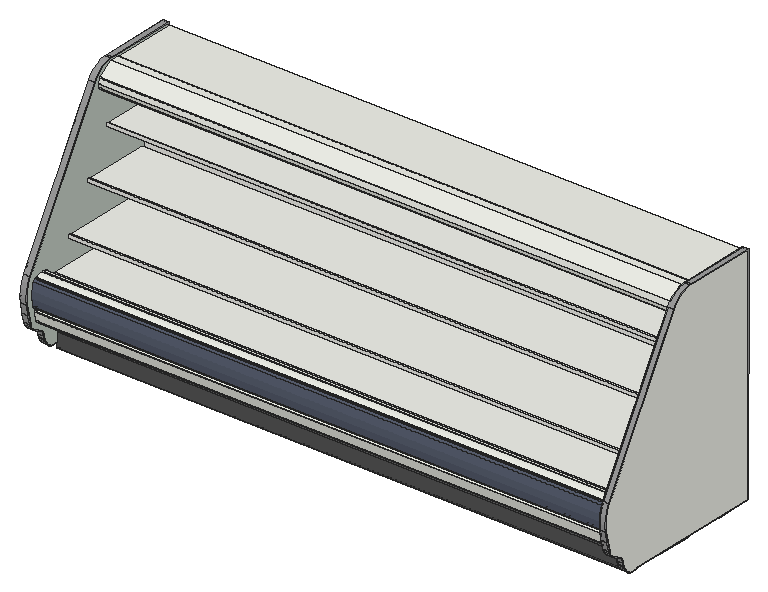
Revit family "IC2XSL_2014", category Specialty Equipment, Revit 2014
Parameters (values of type "12'-0" Length")
  Width = 144 1/2"
  Waste Drain = 1 1/4"  # constant formula
  URL = "www.hussmann.com"
  Type Comments = ""
  Trim = Stainless Steel
  Total Weight = Case Weight + (2 * End Weight)  # 1350.00 lbf
  Top Clearance = 1 1/2"  # constant formula
  Splashguard = Textured Sheet Metal (Steel Painted) - 701 Black
  Side Panel - Right [instance] = yes
  Side Panel - Left [instance] = yes
  Shelves = Sheet Metal (Steel Painted) - 700 Interior White
  Shelf Lights [instance] = yes
  Shelf = yes
  Revit Family Date = "11/25/2015"  # constant formula
  Refrigeration Lines Suction = 7/8"  # constant formula
  Refrigeration Lines Liquid = 3/8"  # constant formula
  Refrig. Suction = "Suction"
  Refrig. Liquid = "Liquid"
  Number of Shelves = 3  # constant formula
  Note from Manufacturer = "This model only comes in 4'-0\", 6'-0\", 8'-0\", and 12'-0\" lengths."
  Model = "IC2XSL"  # constant formula
  Manufacturer Disclaimer = "The information in this file is not intended to be an exact representation of the corresponding Hussmann product.  Further, we reserve the right to change or revise specifications and product design in connection with any feature of our products. Such changes do not entitle the buyer to corresponding changes, improvements, additions, or replacements for equipment previously sold or shipped."  # constant formula
  Manufacturer = "Hussmann Corporation"  # constant formula
  Height = 57 3/4"  # constant formula
  Ends = Textured Sheet Metal (Steel Painted) - 149 White Satin Matte
  End Weight = 75.00 lbf  # constant formula
  Drain Location = if(Width = 48 1/4", 24", if(Width = 72 1/4", 24", if(Width = 96 1/4", 24", if(Width = 144 1/2", 72", 0"))))  # 72"
  Description = ""
  Depth = 43 5/8"  # constant formula
  Clearance [instance] = no
  Case Weight = if(Width = 48 1/4", 600.00 lbf, if(Width = 72 1/4", 800.00 lbf, if(Width = 96 1/4", 1000.00 lbf, if(Width = 144 1/2", 1200.00 lbf, 0.00 lbf))))  # 1200.00 lbf
  Case Interior - Side Panel = Mirror
  Case Interior - Back Panel = Sheet Metal (Steel Painted) - 700 Interior White
  Case = Textured Sheet Metal (Steel Painted) - 149 White Satin Matte
  Bumper = Extruded PVC - 739 Royal Blue
  Back Clearance = 1 1/2"  # constant formula
  Assembly Code = ""
  Accessories/Options = ""
  8 Case = Width = 96 1/4"  # no
  6 Case = Width = 72 1/4"  # no
  12 Case = Width = 144 1/2"  # yes
Reference planes (in)
  plane 1 "Back": y = 0
  plane 2 "Bottom": z = 0
  plane 3 "Top": z = 57.75
  plane 4 "Left": x = -77.30699
  plane 5 "Front": y = -43.625
  plane 6 "Center (Left/Right)": x = -5.05699
  plane 7: y = 1.5
  plane 8: x = -78.80699
  plane 9 "Right": x = 67.19301
  plane 10: x = 68.69301
  plane 11: z = 24
  plane 12: z = 59.25
  plane 13: z = 44
  plane 14: z = 34
Forms (in)
  Extrusion 1, solid, material "Metal - Copper"
    sketch origin (63.0625, 1.04319, 0) x (1, 0, 0) y (0, 1, 0)
      loop
        arc (-67.86949, -33.91819) -> (-68.31143, -34.10125) -> (-68.49449, -34.54319) r 0.625
        arc (-68.49449, -34.54319) -> (-68.31143, -34.98513) -> (-67.86949, -35.16819) r 0.625
        arc (-67.86949, -35.16819) -> (-67.42754, -34.98513) -> (-67.24449, -34.54319) r 0.625
        arc (-67.24449, -34.54319) -> (-67.42754, -34.10125) -> (-67.86949, -33.91819) r 0.625
      loop
        circle (-67.86949, -34.54319) r 0.5852
    from 5.56944 to 0
  Extrusion 2, solid, material "Metal - Copper"
    sketch origin (57.40105, 5, -0.375) x (1, 0, 0) y (0, 1, 0)
      loop
        circle (0.85446, -33.75) r 0.41359
      loop
        circle (0.85446, -33.75) r 0.4375
    from 5.94444 to 0.375
  Extrusion 3, solid, material "Metal - Copper"
    sketch origin (59.82608, 5, -0.375) x (1, 0, 0) y (0, 1, 0)
      loop
        circle (-0.94557, -33.75) r 0.17188
      loop
        circle (-0.94557, -33.75) r 0.1875
    from 5.94444 to 0.375
  Extrusion 4, solid, material "Textured Sheet Metal (Steel Painted) - 149 White Satin Matte" <- "Case"
    sketch origin (-5.05699, 0, 0) x (0, 1, 0) y (0, 0, 1)
      loop
        line (-6.51268, 55.28301) -> (-6.51268, 16.6168) -> (-6.91828, 16.6168)
        arc (-6.91828, 16.6168) -> (-7.25281, 16.48835) -> (-7.41541, 16.16902) r 0.49985
        arc (-7.41541, 16.16902) -> (-7.47447, 15.77871) -> (-7.56901, 15.39546) r 4.3077
        line (-7.56901, 15.39546) -> (-8.2045, 15.37959)
        arc (-8.2045, 15.37959) -> (-8.38123, 15.45279) -> (-8.45443, 15.62952) r 0.24992
        line (-8.45443, 15.62952) -> (-8.45443, 15.73049) -> (-8.45443, 15.79247) -> (-8.45443, 15.9914)
        arc (-8.45443, 15.9914) -> (-8.50274, 16.10804) -> (-8.61938, 16.15635) r 0.16495
        line (-8.61938, 16.15635) -> (-19.37919, 16.15635)
        arc (-19.37919, 16.15635) -> (-19.46976, 16.12926) -> (-19.53058, 16.05688) r 0.16495
        arc (-19.53058, 16.05688) -> (-19.5914, 15.98451) -> (-19.68198, 15.95742) r 0.16495
        line (-19.68198, 15.95742) -> (-23.20989, 15.95742)
        arc (-23.20989, 15.95742) -> (-24.122, 15.92845) -> (-25.03043, 15.84168) r 14.37659
        line (-25.03043, 15.84168) -> (-35.57184, 14.49597)
        arc (-35.57184, 14.49597) -> (-35.67679, 14.43899) -> (-35.71578, 14.32612) r 0.16495
        arc (-35.71578, 14.32612) -> (-35.77516, 14.15509) -> (-35.93417, 14.06876) r 0.24992
        line (-35.93417, 14.06876) -> (-36.91851, 13.9431) -> (-37.91016, 13.81651) -> (-38.11168, 13.77211) -> (-38.09315, 17.38135) -> (-38.25187, 18.31799)
        arc (-38.25187, 18.31799) -> (-38.25909, 18.33942) -> (-38.27258, 18.35757) r 0.07227
        line (-38.27258, 18.35757) -> (-39.20515, 19.27024)
        arc (-39.20515, 19.27024) -> (-39.22358, 19.28334) -> (-39.24516, 19.29009) r 0.07227
        line (-39.24516, 19.29009) -> (-40.16281, 19.42531)
        arc (-40.16281, 19.42531) -> (-40.21579, 19.41231) -> (-40.24459, 19.36598) r 0.07227
        arc (-40.24459, 19.36598) -> (-40.25606, 19.40537) -> (-40.29138, 19.42472) r 0.05018
        arc (-40.29138, 19.42472) -> (-41.31228, 19.3713) -> (-42.26157, 18.99189) r 3.13128
        arc (-42.26157, 18.99189) -> (-42.28099, 18.97035) -> (-42.28525, 18.94165) r 0.05019
        line (-42.28525, 18.94165) -> (-42.27579, 18.87729) -> (-42.05045, 18.49713) -> (-42.05045, 12.75127) -> (-42.33423, 12.33056) -> (-42.30002, 12.36476)
        spline (-42.30002, 12.36476) -> (-42.29059, 12.3725) -> (-42.27983, 12.37825) -> (-42.26816, 12.3818) -> (-42.25602, 12.38299) -> (-42.24388, 12.3818) -> (-42.23221, 12.37826) -> (-42.22145, 12.37251) -> (-42.21202, 12.36477) -> (-42.20428, 12.35534) -> (-42.19853, 12.34458) -> (-42.19499, 12.3329) -> (-42.1938, 12.32076)
        line (-42.1938, 12.32076) -> (-42.1938, 11.72088)
        spline (-42.1938, 11.72088) -> (-42.19412, 11.71452) -> (-42.1951, 11.70822) -> (-42.19671, 11.70206) -> (-42.19894, 11.69609) -> (-42.20177, 11.69038) -> (-42.20517, 11.685) -> (-42.2091, 11.67998) -> (-42.21352, 11.6754) -> (-42.21839, 11.67129) -> (-42.22365, 11.66771) -> (-42.22925, 11.66468) -> (-42.23513, 11.66224)
        line (-42.23513, 11.66224) -> (-42.23513, 12.03376)
        arc (-42.23513, 12.03376) -> (-42.26764, 12.08072) -> (-42.32304, 12.06685) r 0.05018
        line (-42.32304, 12.06685) -> (-42.79839, 11.52504)
        arc (-42.79839, 11.52504) -> (-42.80955, 11.50331) -> (-42.80913, 11.47889) r 0.05018
        line (-42.80913, 11.47889) -> (-42.14032, 8.99596)
        arc (-42.14032, 8.99596) -> (-42.11102, 8.93786) -> (-42.06108, 8.89616) r 0.16059
        line (-42.06108, 8.89616) -> (-36.23943, 5.77763)
        arc (-36.23943, 5.77763) -> (-36.19804, 5.77279) -> (-36.16499, 5.79817) r 0.0554
        line (-36.16499, 5.79817) -> (-36.07724, 5.96199) -> (-35.24876, 5.51819) -> (-35.22368, 5.56503) -> (-8.50716, 5.56503) -> (0, 10.08456) -> (0, 57.49119) -> (-16.15054, 57.49119)
        arc (-16.15054, 57.49119) -> (-16.24473, 57.60061) -> (-16.38321, 57.64144) r 0.25527
        line (-16.38321, 57.64144) -> (-18.60529, 57.64144)
        arc (-18.60529, 57.64144) -> (-18.64062, 57.63632) -> (-18.67305, 57.62139) r 0.12446
        line (-18.67305, 57.62139) -> (-22.1328, 55.37618)
        arc (-22.1328, 55.37618) -> (-22.16668, 55.34362) -> (-22.18607, 55.30081) r 0.12446
        line (-22.18607, 55.30081) -> (-22.50408, 53.97531)
        arc (-22.50408, 53.97531) -> (-22.50751, 53.94551) -> (-22.50371, 53.91575) r 0.12446
        line (-22.50371, 53.91575) -> (-22.24784, 52.90392)
        arc (-22.24784, 52.90392) -> (-22.22266, 52.8546) -> (-22.1786, 52.82109) r 0.12446
        line (-22.1786, 52.82109) -> (-21.87607, 52.68383)
        arc (-21.87607, 52.68383) -> (-21.80412, 52.67441) -> (-21.73914, 52.70672) r 0.12446
        line (-21.73914, 52.70672) -> (-21.53411, 52.90052)
        arc (-21.53411, 52.90052) -> (-21.501, 52.95327) -> (-21.49758, 53.01546) r 0.12446
        line (-21.49758, 53.01546) -> (-21.69138, 53.98135) -> (-21.4421, 54.43753) -> (-21.06895, 54.43753)
        arc (-21.06895, 54.43753) -> (-21.02898, 54.47585) -> (-21.06559, 54.5174) r 0.04001
        line (-21.06559, 54.5174) -> (-18.86012, 54.5174)
        arc (-18.86012, 54.5174) -> (-18.83622, 54.5223) -> (-18.81617, 54.53621) r 0.06074
        line (-18.81617, 54.53621) -> (-17.43064, 55.91552) -> (-17.43064, 55.28301) -> (-6.51268, 55.28301)
    from 72.25 to -72.25
  Extrusion 5, solid, material "Extruded PVC - 739 Royal Blue" <- "Bumper"
    sketch origin (-5.05699, 0, 0) x (0, 1, 0) y (0, 0, 1)
      loop
        arc (-43.11312, 12.68449) -> (-42.90005, 12.41085) -> (-42.60529, 12.22811) r 0.98415
        arc (-42.60529, 12.22811) -> (-42.57223, 12.21559) -> (-42.53878, 12.20413) r 1.11061
        arc (-42.53878, 12.20413) -> (-42.45215, 12.20488) -> (-42.38343, 12.25762) r 0.1365
        line (-42.38343, 12.25762) -> (-42.05045, 12.75127) -> (-42.05045, 18.49713) -> (-42.27579, 18.87729)
        arc (-42.27579, 18.87729) -> (-42.44345, 18.85247) -> (-42.60529, 18.80215) r 1.09805
        arc (-42.60529, 18.80215) -> (-42.90005, 18.61941) -> (-43.11312, 18.34576) r 0.98415
        arc (-43.11312, 18.34576) -> (-43.55654, 15.51513) -> (-43.11312, 12.68449) r 9.25648
    from 72.25 to -72.25
  Extrusion 6, solid, material "Textured Sheet Metal (Steel Painted) - 701 Black" <- "Splashguard"
    sketch origin (-5.05699, 0, 0) x (0, 1, 0) y (0, 0, 1)
      loop
        line (-35.56829, 3.68546) -> (-35.56829, 0.06236)
        arc (-35.56829, 0.06236) -> (-35.54342, 0.01927) -> (-35.49366, 0.01927) r 0.04975
        line (-35.49366, 0.01927) -> (-35.41903, 0.06236) -> (-35.22157, 0.06236)
        arc (-35.22157, 0.06236) -> (-35.14226, 0.01346) -> (-35.08169, 0.08426) r 0.07165
        line (-35.08169, 0.08426) -> (-35.08169, 3.96765)
        arc (-35.08169, 3.96765) -> (-35.10889, 4.012) -> (-35.16075, 4.00785) r 0.04975
        line (-35.16075, 4.00785) -> (-35.54785, 3.72567)
        arc (-35.54785, 3.72567) -> (-35.56289, 3.70802) -> (-35.56829, 3.68546) r 0.04975
    from 72.25 to -72.25
  Extrusion 7, solid, material "Sheet Metal (Steel Painted) - 700 Interior White" <- "Shelves"
    sketch origin (-5.05699, 0, 0) x (0, 1, 0) y (0, 0, 1)
      loop
        line (-10.4778, 17.57743) -> (-36.46981, 17.57743) -> (-36.46981, 17.08433) -> (-36.88069, 17.08433)
        arc (-36.88069, 17.08433) -> (-36.98062, 17.07117) -> (-37.07375, 17.0326) r 0.38613
        line (-37.07375, 17.0326) -> (-37.21958, 16.9484) -> (-37.21958, 16.55649) -> (-37.17361, 16.55649) -> (-36.88705, 16.72194) -> (-35.47012, 16.72194) -> (-35.47012, 16.95262) -> (-10.4778, 16.95262) -> (-10.4778, 17.09957) -> (-9.827, 17.09957) -> (-9.827, 16.73668) -> (-8.93227, 16.73668) -> (-8.93227, 16.59821)
        arc (-8.93227, 16.59821) -> (-8.9027, 16.52683) -> (-8.83132, 16.49726) r 0.10095
        line (-8.83132, 16.49726) -> (-7.8816, 16.49726) -> (-7.8816, 17.10907) -> (-8.83132, 17.10907)
        arc (-8.83132, 17.10907) -> (-8.85434, 17.10641) -> (-8.87614, 17.09857) r 0.10095
        line (-8.87614, 17.09857) -> (-9.4931, 17.09857)
        arc (-9.4931, 17.09857) -> (-9.37611, 17.14803) -> (-9.32765, 17.26502) r 0.16545
        arc (-9.32765, 17.26502) -> (-9.37611, 17.38201) -> (-9.4931, 17.43047) r 0.16545
        line (-9.4931, 17.43047) -> (-9.62218, 17.52973) -> (-10.4778, 17.52973) -> (-10.4778, 17.57743)
      loop
        arc (-8.38145, 16.1856) -> (-8.41805, 16.27396) -> (-8.50641, 16.31056) r 0.12496
        line (-8.50641, 16.31056) -> (-19.45705, 16.31056)
        arc (-19.45705, 16.31056) -> (-19.54785, 16.28332) -> (-19.60866, 16.21059) r 0.16495
        arc (-19.60866, 16.21059) -> (-19.66947, 16.13786) -> (-19.76027, 16.11062) r 0.16495
        line (-19.76027, 16.11062) -> (-23.20989, 16.11062)
        arc (-23.20989, 16.11062) -> (-24.13172, 16.08135) -> (-25.04983, 15.99365) r 14.5298
        line (-25.04983, 15.99365) -> (-36.39594, 14.54521)
        arc (-36.39594, 14.54521) -> (-36.47504, 14.53479) -> (-36.55386, 14.52247) r 3.33048
        arc (-36.55386, 14.52247) -> (-36.67572, 14.4772) -> (-36.72694, 14.35772) r 0.16495
        line (-36.72694, 14.35772) -> (-36.72694, 14.26117)
        arc (-36.72694, 14.26117) -> (-36.78929, 14.09602) -> (-36.94522, 14.01326) r 0.24992
        line (-36.94522, 14.01326) -> (-37.9194, 13.8889) -> (-37.91016, 13.81651) -> (-36.91851, 13.9431) -> (-35.93417, 14.06876)
        arc (-35.93417, 14.06876) -> (-35.77516, 14.15509) -> (-35.71578, 14.32612) r 0.24992
        arc (-35.71578, 14.32612) -> (-35.67679, 14.43899) -> (-35.57184, 14.49597) r 0.16495
        line (-35.57184, 14.49597) -> (-25.03043, 15.84168)
        arc (-25.03043, 15.84168) -> (-24.122, 15.92845) -> (-23.20989, 15.95742) r 14.37659
        line (-23.20989, 15.95742) -> (-19.68198, 15.95742)
        arc (-19.68198, 15.95742) -> (-19.5914, 15.98451) -> (-19.53058, 16.05688) r 0.16495
        arc (-19.53058, 16.05688) -> (-19.46976, 16.12926) -> (-19.37919, 16.15635) r 0.16495
        line (-19.37919, 16.15635) -> (-8.61938, 16.15635)
        arc (-8.61938, 16.15635) -> (-8.50274, 16.10804) -> (-8.45443, 15.9914) r 0.16495
        line (-8.45443, 15.9914) -> (-8.45443, 15.79247) -> (-8.45443, 15.73049) -> (-8.45443, 15.62952)
        arc (-8.45443, 15.62952) -> (-8.38123, 15.45279) -> (-8.2045, 15.37959) r 0.24992
        line (-8.2045, 15.37959) -> (-7.8816, 15.38765) -> (-7.8816, 15.45257) -> (-8.13153, 15.45257)
        arc (-8.13153, 15.45257) -> (-8.30825, 15.52577) -> (-8.38145, 15.70249) r 0.24992
        line (-8.38145, 15.70249) -> (-8.38145, 15.80455) -> (-8.38145, 15.94567) -> (-8.38145, 16.1856)
    from 72.25 to -72.25
  Extrusion 8, solid, material "Sheet Metal (Steel Painted) - 700 Interior White" <- "Case Interior - Back Panel"
    sketch origin (-4.80699, 0, 0) x (0, 1, 0) y (0, 0, 1)
      loop
        line (-15.11373, 52.03768) -> (-17.48478, 54.28772) -> (-17.13898, 54.65211) -> (-18.79829, 54.38229)
        arc (-18.79829, 54.38229) -> (-18.90455, 54.41406) -> (-18.94535, 54.51719) r 0.12702
        line (-18.94535, 54.51719) -> (-18.84323, 54.51719)
        arc (-18.84323, 54.51719) -> (-18.82417, 54.52098) -> (-18.80802, 54.53177) r 0.04979
        line (-18.80802, 54.53177) -> (-17.43064, 55.90915) -> (-17.43064, 55.10072) -> (-6.52204, 55.10072) -> (-6.52204, 16.73918) -> (-7.8816, 16.73918) -> (-7.8816, 52.59431) -> (-14.15679, 52.64908) -> (-14.94727, 51.81609) -> (-15.14764, 52.00624)
        arc (-15.14764, 52.00624) -> (-15.14849, 52.03886) -> (-15.11587, 52.03971) r 0.02307
      loop
        line (-20.44442, 54.47045) -> (-20.44442, 53.3052) -> (-19.25921, 53.3052) -> (-19.25921, 54.47045) -> (-20.44442, 54.47045)
    from 72 to -72.5
  Extrusion 9, solid, material "Mirror" <- "Case Interior - Side Panel", visible <- "Side Panel - Right"
    sketch origin (67.19301, 0, 0) x (0, 0, 1) y (0, -1, 0)
      loop
        line (57.97962, -0.01251) -> (57.97962, 17.74129)
        arc (57.97962, 17.74129) -> (57.97254, 18.06336) -> (57.94967, 18.3847) r 6.56826
        arc (57.94967, 18.3847) -> (56.94405, 21.29799) -> (54.7203, 23.43188) r 6.56826
        line (54.7203, 23.43188) -> (46.80153, 28.04997) -> (21.09905, 43.03921) -> (19.82364, 43.78301)
        arc (19.82364, 43.78301) -> (16.90562, 44.86476) -> (13.79366, 44.89306) r 9.04177
        arc (13.79366, 44.89306) -> (12.54951, 44.67703) -> (11.32045, 44.3872) r 21.16605
        line (11.32045, 44.3872) -> (8.99269, 43.76348)
        arc (8.99269, 43.76348) -> (7.78971, 43.15259) -> (6.93637, 42.10752) r 3.26548
        line (6.93637, 42.10752) -> (6.2784, 40.83871)
        arc (6.2784, 40.83871) -> (5.55075, 39.94999) -> (4.52637, 39.43043) r 2.78542
        line (4.52637, 39.43043) -> (3.56889, 39.17396)
        arc (3.56889, 39.17396) -> (1.81871, 38.0015) -> (1.14866, 36.00429) r 3.26548
        line (1.14866, 36.00429) -> (1.14866, 34.97549) -> (1.29489, 34.97549) -> (1.34018, 34.97549) -> (1.34018, -0.01251) -> (57.97962, -0.01251)
    from 0.03125 to 0
  Extrusion 10, solid, material "Textured Sheet Metal (Steel Painted) - 149 White Satin Matte" <- "Ends"
    sketch origin (67.19301, 0, 0) x (0, 0, 1) y (0, -1, 0)
      loop
        line (57.97962, -0.01251) -> (57.97962, 17.74129)
        arc (57.97962, 17.74129) -> (57.97254, 18.06336) -> (57.94967, 18.3847) r 6.56826
        arc (57.94967, 18.3847) -> (56.94405, 21.29799) -> (54.7203, 23.43188) r 6.56826
        line (54.7203, 23.43188) -> (46.80153, 28.04997) -> (21.09905, 43.03921) -> (19.82364, 43.78301)
        arc (19.82364, 43.78301) -> (16.90562, 44.86476) -> (13.79366, 44.89306) r 9.04177
        arc (13.79366, 44.89306) -> (12.54951, 44.67703) -> (11.32045, 44.3872) r 21.16605
        line (11.32045, 44.3872) -> (8.99269, 43.76348)
        arc (8.99269, 43.76348) -> (7.78971, 43.15259) -> (6.93637, 42.10752) r 3.26548
        line (6.93637, 42.10752) -> (6.2784, 40.83871)
        arc (6.2784, 40.83871) -> (5.55075, 39.94999) -> (4.52637, 39.43043) r 2.78542
        line (4.52637, 39.43043) -> (3.56889, 39.17396)
        arc (3.56889, 39.17396) -> (1.81871, 38.0015) -> (1.14866, 36.00429) r 3.26548
        line (1.14866, 36.00429) -> (1.14866, 34.97549) -> (1.29489, 34.97549) -> (1.34018, 34.97549) -> (1.34018, -0.01251) -> (57.97962, -0.01251)
    from 0.03125 to 1.5
  Extrusion 11, solid, material "Textured Sheet Metal (Steel Painted) - 149 White Satin Matte" <- "Ends"
    sketch origin (-77.30699, 0, 0) x (0, 1, 0) y (0, 0, 1)
      loop
        line (0.01251, 57.97962) -> (-17.74129, 57.97962)
        arc (-17.74129, 57.97962) -> (-18.06336, 57.97254) -> (-18.3847, 57.94967) r 6.56826
        arc (-18.3847, 57.94967) -> (-21.29799, 56.94405) -> (-23.43188, 54.7203) r 6.56826
        line (-23.43188, 54.7203) -> (-28.04997, 46.80153) -> (-43.03921, 21.09905) -> (-43.78301, 19.82364)
        arc (-43.78301, 19.82364) -> (-44.86476, 16.90562) -> (-44.89306, 13.79366) r 9.04177
        arc (-44.89306, 13.79366) -> (-44.67703, 12.54951) -> (-44.3872, 11.32045) r 21.16605
        line (-44.3872, 11.32045) -> (-43.76348, 8.99269)
        arc (-43.76348, 8.99269) -> (-43.15259, 7.78971) -> (-42.10752, 6.93637) r 3.26548
        line (-42.10752, 6.93637) -> (-40.83871, 6.2784)
        arc (-40.83871, 6.2784) -> (-39.94999, 5.55075) -> (-39.43043, 4.52637) r 2.78542
        line (-39.43043, 4.52637) -> (-39.17396, 3.56889)
        arc (-39.17396, 3.56889) -> (-38.0015, 1.81871) -> (-36.00429, 1.14866) r 3.26548
        line (-36.00429, 1.14866) -> (-34.97549, 1.14866) -> (-34.97549, 1.29489) -> (-34.97549, 1.34018) -> (0.01251, 1.34018) -> (0.01251, 57.97962)
    from -1.5 to -0.03125
  Extrusion 12, solid, material "Mirror" <- "Case Interior - Side Panel"
    sketch origin (-77.30699, 0, 0) x (0, 1, 0) y (0, 0, 1)
      loop
        line (0.01251, 57.97962) -> (-17.74129, 57.97962)
        arc (-17.74129, 57.97962) -> (-18.06336, 57.97254) -> (-18.3847, 57.94967) r 6.56826
        arc (-18.3847, 57.94967) -> (-21.29799, 56.94405) -> (-23.43188, 54.7203) r 6.56826
        line (-23.43188, 54.7203) -> (-28.04997, 46.80153) -> (-43.03921, 21.09905) -> (-43.78301, 19.82364)
        arc (-43.78301, 19.82364) -> (-44.86476, 16.90562) -> (-44.89306, 13.79366) r 9.04177
        arc (-44.89306, 13.79366) -> (-44.67703, 12.54951) -> (-44.3872, 11.32045) r 21.16605
        line (-44.3872, 11.32045) -> (-43.76348, 8.99269)
        arc (-43.76348, 8.99269) -> (-43.15259, 7.78971) -> (-42.10752, 6.93637) r 3.26548
        line (-42.10752, 6.93637) -> (-40.83871, 6.2784)
        arc (-40.83871, 6.2784) -> (-39.94999, 5.55075) -> (-39.43043, 4.52637) r 2.78542
        line (-39.43043, 4.52637) -> (-39.17396, 3.56889)
        arc (-39.17396, 3.56889) -> (-38.0015, 1.81871) -> (-36.00429, 1.14866) r 3.26548
        line (-36.00429, 1.14866) -> (-34.97549, 1.14866) -> (-34.97549, 1.29489) -> (-34.97549, 1.34018) -> (0.01251, 1.34018) -> (0.01251, 57.97962)
    from -0.03125 to 0
  Sweep 13, solid, material "Stainless Steel" <- "Trim"
    path origin (67.19301, 0, 0) x (0, 0, 1) y (0, -1, 0)
      loop
        line (57.97962, -0.01251) -> (57.97962, 17.74129)
        arc (57.97962, 17.74129) -> (57.97254, 18.06336) -> (57.94967, 18.3847) r 6.56826
        arc (57.94967, 18.3847) -> (56.94405, 21.29799) -> (54.7203, 23.43188) r 6.56826
        line (54.7203, 23.43188) -> (46.80153, 28.04997) -> (21.09905, 43.03921) -> (19.82364, 43.78301)
        arc (19.82364, 43.78301) -> (16.90562, 44.86476) -> (13.79366, 44.89306) r 9.04177
        arc (13.79366, 44.89306) -> (12.54951, 44.67703) -> (11.32045, 44.3872) r 21.16605
        line (11.32045, 44.3872) -> (8.99269, 43.76348)
        arc (8.99269, 43.76348) -> (7.78971, 43.15259) -> (6.93637, 42.10752) r 3.26548
        line (6.93637, 42.10752) -> (6.2784, 40.83871)
        arc (6.2784, 40.83871) -> (5.55075, 39.94999) -> (4.52637, 39.43043) r 2.78542
        line (4.52637, 39.43043) -> (3.56889, 39.17396)
        arc (3.56889, 39.17396) -> (1.81871, 38.0015) -> (1.14866, 36.00429) r 3.26548
        line (1.14866, 36.00429) -> (1.14866, 34.97549) -> (1.29489, 34.97549) -> (1.34018, 34.97549) -> (1.34018, -0.01251) -> (57.97962, -0.01251)
    profile origin (67.19301, -8.86439, 57.97962) x (0, 0, -1) y (1, 0, 0)
      loop
        line (-0.00002, 0) -> (-0.00002, 1.5) -> (-0.03127, 1.5) -> (-0.03127, 0) -> (-0.00002, 0)
  Sweep 14, solid, material "Stainless Steel" <- "Trim"
    path origin (-77.30699, 0, 0) x (0, 1, 0) y (0, 0, 1)
      loop
        line (0.01253, 57.9796) -> (-17.74127, 57.9796)
        arc (-17.74127, 57.9796) -> (-18.06334, 57.97252) -> (-18.38467, 57.94965) r 6.56826
        arc (-18.38467, 57.94965) -> (-21.29797, 56.94403) -> (-23.43186, 54.72028) r 6.56826
        line (-23.43186, 54.72028) -> (-28.04995, 46.80151) -> (-43.03919, 21.09903) -> (-43.78299, 19.82362)
        arc (-43.78299, 19.82362) -> (-44.86473, 16.9056) -> (-44.89304, 13.79364) r 9.04177
        arc (-44.89304, 13.79364) -> (-44.67701, 12.54949) -> (-44.38718, 11.32043) r 21.16605
        line (-44.38718, 11.32043) -> (-43.76346, 8.99267)
        arc (-43.76346, 8.99267) -> (-43.15257, 7.78969) -> (-42.1075, 6.93635) r 3.26548
        line (-42.1075, 6.93635) -> (-40.83869, 6.27838)
        arc (-40.83869, 6.27838) -> (-39.94996, 5.55073) -> (-39.43041, 4.52635) r 2.78542
        line (-39.43041, 4.52635) -> (-39.17394, 3.56886)
        arc (-39.17394, 3.56886) -> (-38.00147, 1.81868) -> (-36.00426, 1.14864) r 3.26548
        line (-36.00426, 1.14864) -> (-34.97547, 1.14864) -> (-34.97547, 1.29487) -> (-34.97547, 1.34016) -> (0.01253, 1.34016) -> (0.01253, 57.9796)
    profile origin (-77.30699, -8.86437, 57.9796) x (0, 0, -1) y (1, 0, 0)
      loop
        line (-0.00004, 0) -> (-0.03129, 0) -> (-0.03129, -1.5) -> (-0.00004, -1.5) -> (-0.00004, 0)
  Extrusion 15, solid, material "Textured Sheet Metal (Steel Painted) - 149 White Satin Matte" <- "Case"
    sketch origin (-5.05699, 0, 0) x (0, 1, 0) y (0, 0, 1)
      loop
        line (-35.08169, 2.14108) -> (-35.04686, 2.14108) -> (-35.04686, 4.52666)
        arc (-35.04686, 4.52666) -> (-35.05352, 4.55153) -> (-35.07173, 4.56974) r 0.04975
        line (-35.07173, 4.56974) -> (-36.06979, 5.14597) -> (-36.06979, 5.80949) -> (-36.10461, 5.80949) -> (-36.10461, 5.15459)
        arc (-36.10461, 5.15459) -> (-36.09795, 5.12971) -> (-36.07974, 5.1115) r 0.04975
        line (-36.07974, 5.1115) -> (-35.08169, 4.53527) -> (-35.08169, 2.14108)
    from 72.25 to -72.25
Lines and regions (in)
  reference lines
    curve 1: line (-4.80699, -43.625, 0) -> (-4.80699, 0, 0)
    curve 2: line (64.69301, -43.625, 0) -> (64.69301, 0, 0)
    curve 3: line (58.69301, -43.625, 0) -> (58.69301, 0, 0)
    curve 4: line (-77.30699, -33.5, 0) -> (67.19301, -33.5, 0)
    curve 5: line (67.19301, -28.75, 0) -> (-77.30699, -28.75, 0)
  symbolic lines, style "Clearance", visible <- "Clearance"
    curve 6: line (-77.30699, 1.5, 0) -> (67.19301, 1.5, 0)
    curve 7: line (67.19301, 1.5, 0) -> (67.19301, 0.02372, 0)
    curve 8: line (-77.30699, 1.5, 0) -> (-77.30699, 0, 0)
    curve 9: line (-5.05699, 0, 58.01089) -> (-5.05699, 0, 59.25)
    curve 10: line (-5.05699, 0, 59.25) -> (-5.05699, -22.50751, 59.25)
    curve 11: line (-5.05699, -22.50751, 55.9935) -> (-5.05699, -22.50751, 59.25)
    curve 12: line (-5.05699, 0, 57.49119) -> (-5.05699, 1.5, 57.49119)
    curve 13: line (-5.05699, 1.5, 57.49119) -> (-5.05699, 1.5, 0)
    curve 14: line (-77.30699, -40, 57.44929) -> (-77.30699, -40, 59.25)
    curve 15: line (-77.30699, -40, 59.25) -> (67.19301, -40, 59.25)
    curve 16: line (67.19301, -40, 59.25) -> (67.19301, -40, 57.44929)
  model lines, style "SpecialityEquipment", detail levels fine
    curve 17: line (-5.05699, -36.98643, 8.76605) -> (-5.05699, -34.78966, 8.76605)
    curve 18: arc (-5.05699, -34.78966, 8.76605) -> (-5.05699, -34.53974, 8.83301) -> (-5.05699, -34.35678, 9.01597) r 0.49985
    curve 19: line (-5.05699, -34.35678, 9.01597) -> (-5.05699, -33.70852, 10.13879)
    curve 20: arc (-5.05699, -33.70852, 10.13879) -> (-5.05699, -33.52557, 10.32175) -> (-5.05699, -33.27564, 10.38871) r 0.49985
    curve 21: line (-5.05699, -33.27564, 10.38871) -> (-5.05699, -24.44274, 10.38871)
    curve 22: line (-5.05699, -24.44274, 10.38871) -> (-5.05699, -11.07263, 12.35589)
    curve 23: arc (-5.05699, -11.07263, 12.35589) -> (-5.05699, -8.87679, 13.36385) -> (-5.05699, -7.56901, 15.39546) r 4.3077
    curve 24: line (-5.05699, -35.22368, 5.56503) -> (-5.05699, -42.01761, 9.20439)
    curve 25: arc (-5.05699, -42.01761, 9.20439) -> (-5.05699, -42.04161, 9.22728) -> (-5.05699, -42.05045, 9.25925) r 0.06223
    curve 26: line (-5.05699, -42.05045, 9.25925) -> (-5.05699, -42.05045, 18.49713)
    curve 27: line (-5.05699, -42.05045, 18.49713) -> (-5.05699, -41.00111, 18.49713)
    curve 28: line (-5.05699, -41.00111, 18.49713) -> (-5.05699, -41.00111, 13.75168)
    curve 29: line (-5.05699, -41.00111, 13.75168) -> (-5.05699, -40.99362, 16.55691)
    curve 30: line (-5.05699, -40.99362, 16.55691) -> (-5.05699, -40.99362, 12.7182)
    curve 31: arc (-5.05699, -40.99362, 12.7182) -> (-5.05699, -40.95821, 12.53456) -> (-5.05699, -40.85705, 12.37725) r 0.49387
    curve 32: line (-5.05699, -40.85705, 12.37725) -> (-5.05699, -40.17548, 11.71682)
    curve 33: arc (-5.05699, -40.17548, 11.71682) -> (-5.05699, -40.06713, 11.55465) -> (-5.05699, -40.02908, 11.36337) r 0.49985
    curve 34: line (-5.05699, -40.02908, 11.36337) -> (-5.05699, -40.02908, 10.88856)
    curve 35: arc (-5.05699, -40.02908, 10.88856) -> (-5.05699, -39.88268, 10.53511) -> (-5.05699, -39.52923, 10.38871) r 0.49985
    curve 36: line (-5.05699, -39.52923, 10.38871) -> (-5.05699, -38.69968, 10.38871)
    curve 37: arc (-5.05699, -38.69968, 10.38871) -> (-5.05699, -38.35246, 10.24843) -> (-5.05699, -38.20014, 9.90631) r 0.49985
    curve 38: line (-5.05699, -38.20014, 9.90631) -> (-5.05699, -38.19034, 9.62576)
    curve 39: arc (-5.05699, -38.19034, 9.62576) -> (-5.05699, -38.1151, 9.37898) -> (-5.05699, -37.92683, 9.2026) r 0.49985
    curve 40: line (-5.05699, -37.92683, 9.2026) -> (-5.05699, -37.22246, 8.82528)
    curve 41: arc (-5.05699, -37.22246, 8.82528) -> (-5.05699, -37.10811, 8.78108) -> (-5.05699, -36.98643, 8.76605) r 0.49985
  model lines, style "SpecialityEquipment", not visible, detail levels fine
    curve 42: line (-5.05699, -36.98643, 8.76605) -> (-5.05699, -34.78966, 8.76605)
    curve 43: arc (-5.05699, -34.78966, 8.76605) -> (-5.05699, -34.53974, 8.83301) -> (-5.05699, -34.35678, 9.01597) r 0.49985
    curve 44: line (-5.05699, -34.35678, 9.01597) -> (-5.05699, -33.70852, 10.13879)
    curve 45: arc (-5.05699, -33.70852, 10.13879) -> (-5.05699, -33.52557, 10.32175) -> (-5.05699, -33.27564, 10.38871) r 0.49985
    curve 46: line (-5.05699, -33.27564, 10.38871) -> (-5.05699, -24.44274, 10.38871)
    curve 47: line (-5.05699, -24.44274, 10.38871) -> (-5.05699, -11.07263, 12.35589)
    curve 48: arc (-5.05699, -11.07263, 12.35589) -> (-5.05699, -8.87679, 13.36385) -> (-5.05699, -7.56901, 15.39546) r 4.3077
    curve 49: line (-5.05699, -35.22368, 5.56503) -> (-5.05699, -42.01761, 9.20439)
    curve 50: arc (-5.05699, -42.01761, 9.20439) -> (-5.05699, -42.04161, 9.22728) -> (-5.05699, -42.05045, 9.25925) r 0.06223
    curve 51: line (-5.05699, -42.05045, 9.25925) -> (-5.05699, -42.05045, 18.49713)
    curve 52: line (-5.05699, -42.05045, 18.49713) -> (-5.05699, -41.00111, 18.49713)
    curve 53: line (-5.05699, -41.00111, 18.49713) -> (-5.05699, -41.00111, 13.75168)
    curve 54: line (-5.05699, -41.00111, 13.75168) -> (-5.05699, -40.99362, 16.55691)
    curve 55: line (-5.05699, -40.99362, 16.55691) -> (-5.05699, -40.99362, 12.7182)
    curve 56: arc (-5.05699, -40.99362, 12.7182) -> (-5.05699, -40.95821, 12.53456) -> (-5.05699, -40.85705, 12.37725) r 0.49387
    curve 57: line (-5.05699, -40.85705, 12.37725) -> (-5.05699, -40.17548, 11.71682)
    curve 58: arc (-5.05699, -40.17548, 11.71682) -> (-5.05699, -40.06713, 11.55465) -> (-5.05699, -40.02908, 11.36337) r 0.49985
    curve 59: line (-5.05699, -40.02908, 11.36337) -> (-5.05699, -40.02908, 10.88856)
    curve 60: arc (-5.05699, -40.02908, 10.88856) -> (-5.05699, -39.88268, 10.53511) -> (-5.05699, -39.52923, 10.38871) r 0.49985
    curve 61: line (-5.05699, -39.52923, 10.38871) -> (-5.05699, -38.69968, 10.38871)
    curve 62: arc (-5.05699, -38.69968, 10.38871) -> (-5.05699, -38.35246, 10.24843) -> (-5.05699, -38.20014, 9.90631) r 0.49985
    curve 63: line (-5.05699, -38.20014, 9.90631) -> (-5.05699, -38.19034, 9.62576)
    curve 64: arc (-5.05699, -38.19034, 9.62576) -> (-5.05699, -38.1151, 9.37898) -> (-5.05699, -37.92683, 9.2026) r 0.49985
    curve 65: line (-5.05699, -37.92683, 9.2026) -> (-5.05699, -37.22246, 8.82528)
    curve 66: arc (-5.05699, -37.22246, 8.82528) -> (-5.05699, -37.10811, 8.78108) -> (-5.05699, -36.98643, 8.76605) r 0.49985
Dimensions and locks (in)
  equal spacing: plane 4 "Left", plane 6 "Center (Left/Right)", plane 9 "Right"
  locked: plane 8 to plane 4 "Left" at 1.5
  "Width": plane 4 "Left" to plane 9 "Right"
  locked: curve 2 to plane 9 "Right" at 2.5
  "Drain Location": curve 1 to plane 9 "Right"
  "Depth": plane 5 "Front" to plane 1 "Back"
  "Back Clearance": plane 1 "Back" to plane 7
  locked: curve 3 to plane 9 "Right" at 8.5
  "Height": plane 3 "Top" to level
  locked: plane 1 "Back" to curve 4 at 33.5
  locked: plane 1 "Back" to curve 5 at 28.75
  locked: plane 9 "Right" to plane 10 at 1.5
  locked: plane 11 to level at 24
  locked: plane 13 to level at 44
  "Top Clearance": plane 12 to plane 3 "Top"
  locked: Extrusion 1 sketch curve to Extrusion 1 sketch curve at 0.0398
  locked: Extrusion 3 sketch curve to Extrusion 3 sketch curve at 0.01562
  locked: Extrusion 2 sketch curve to Extrusion 2 sketch curve at 0.02391
  nested 7 to plane 6 "Center (Left/Right)" to nested 8 = 24" locked, 24" locked
  locked: plane 14 to level at 34
  "Waste Drain": diameter of Extrusion 1 sketch curve
  "Refrigeration Lines Liquid": diameter of Extrusion 3 sketch curve
  "Refrigeration Lines Suction": diameter of Extrusion 2 sketch curve
  aligned and locked: plane 5 "Front" to curve 1
  aligned and locked: plane 5 "Front" to curve 2
  aligned and locked: plane 4 "Left" to curve 4
  aligned and locked: plane 4 "Left" to curve 5
  aligned and locked: plane 9 "Right" to curve 5
  aligned and locked: plane 9 "Right" to curve 4
  aligned and locked: Extrusion 2 to level
  aligned and locked: Extrusion 3 to level
  aligned and locked: curve 5 to Extrusion 3 sketch curve  (x4)
  aligned and locked: curve 5 to Extrusion 2 sketch curve  (x4)
  aligned and locked: curve 4 to Extrusion 1 sketch curve  (x3)
  aligned and locked: curve 1 to Extrusion 1 sketch curve
  aligned and locked: curve 3 to Extrusion 3 sketch curve
  aligned and locked: curve 3 to Extrusion 2 sketch curve
  aligned and locked: Extrusion 4 to plane 4 "Left"
  aligned and locked: plane 9 "Right" to Extrusion 4
  aligned and locked: Extrusion 8 to plane 4 "Left"
  aligned and locked: plane 9 "Right" to Extrusion 8
  aligned and locked: Extrusion 7 to plane 4 "Left"
  aligned and locked: plane 9 "Right" to Extrusion 7
  aligned and locked: Extrusion 5 to plane 4 "Left"
  aligned and locked: plane 9 "Right" to Extrusion 5
  aligned and locked: plane 11 to nested 1
  aligned and locked: Extrusion 8 to nested 1
  aligned and locked: Extrusion 8 to nested 2
  aligned and locked: Extrusion 9 to plane 9 "Right"
  aligned and locked: plane 4 "Left" to nested 2
  aligned and locked: plane 4 "Left" to nested 1
  aligned and locked: plane 9 "Right" to Extrusion 6
  aligned and locked: Extrusion 6 to plane 4 "Left"
  aligned and locked: plane 4 "Left" to nested 3
  aligned and locked: nested 1 to nested 3
  aligned and locked: plane 1 "Back" to nested 4
  aligned and locked: plane 4 "Left" to nested 4
  aligned and locked: nested 6 to plane 1 "Back"
  aligned and locked: plane 9 "Right" to nested 6
  aligned and locked: plane 1 "Back" to nested 5
  aligned and locked: plane 6 "Center (Left/Right)" to nested 5
  aligned and locked: nested 8 to plane 1 "Back"
  aligned and locked: plane 1 "Back" to nested 7
  aligned and locked: curve 6 to plane 7
  aligned and locked: curve 8 to plane 4 "Left"
  aligned and locked: curve 7 to plane 9 "Right"
  aligned and locked: curve 13 to plane 7
  aligned and locked: plane 12 to curve 15
  aligned and locked: curve 16 to plane 9 "Right"
  aligned and locked: plane 4 "Left" to curve 14
  aligned and locked: plane 6 "Center (Left/Right)" to nested 9
  aligned and locked: plane 1 "Back" to nested 9
  aligned and locked: nested 2 to nested 10
  aligned and locked: plane 4 "Left" to nested 11
  aligned and locked: Extrusion 8 to nested 11
  aligned and locked: Extrusion 10 to Extrusion 9
  aligned and locked: plane 10 to Extrusion 10
  aligned and locked: plane 8 to Extrusion 11
  aligned and locked: Extrusion 12 to Extrusion 11
  aligned and locked: plane 4 "Left" to Extrusion 12
  aligned and locked: Sweep 13 sketch curve to Extrusion 9
  aligned and locked: plane 10 to Sweep 13 sketch curve
  aligned and locked: Sweep 14 sketch curve to Extrusion 12
  aligned and locked: Sweep 14 sketch curve to plane 8
  aligned and locked: plane 13 to nested 2
  aligned and locked: nested 12 to nested 13
  aligned and locked: plane 14 to nested 12
  aligned and locked: Extrusion 15 to plane 4 "Left"
  aligned and locked: plane 9 "Right" to Extrusion 15
Automatic sketch dimensions
  plane 1 "Back" to curve 8 = 0"
  curve 7 to plane 1 "Back" = 0.02372"
  Extrusion 5 sketch curve to Extrusion 5 sketch curve = 0.11317"
  Extrusion 5 sketch curve to Extrusion 5 sketch curve = 0.33298"
  Extrusion 5 sketch curve to Extrusion 5 sketch curve = 0.03358"
  Extrusion 5 sketch curve to Extrusion 5 sketch curve = 0.0429"
  Extrusion 5 sketch curve to Extrusion 5 sketch curve = 0.04665"
  Extrusion 5 sketch curve to Extrusion 5 sketch curve = 0.07633"
  Extrusion 5 sketch curve to Extrusion 5 sketch curve = 0.11753"
  Extrusion 5 sketch curve to Extrusion 5 sketch curve = 0.10551"
  plane 5 "Front" to Extrusion 5 sketch curve = 0.51188"  (x2)
  Extrusion 5 sketch curve to Extrusion 5 sketch curve = 0"
  level to Extrusion 6 sketch curve = 0.06236"  (x2)
  level to Extrusion 6 sketch curve = 3.72567"
  Extrusion 6 sketch curve to Extrusion 6 sketch curve = 0.02045"
  Extrusion 6 sketch curve to Extrusion 6 sketch curve = 0.04975"  (x2)
  level to Extrusion 6 sketch curve = 0.01927"
  Extrusion 6 sketch curve to Extrusion 6 sketch curve = 0.07463"
  Extrusion 6 sketch curve to Extrusion 6 sketch curve = 0.19746"
  level to Extrusion 6 sketch curve = 4.00785"
  Extrusion 6 sketch curve to Extrusion 6 sketch curve = 0.06823"
  Extrusion 6 sketch curve to Extrusion 6 sketch curve = 0.02931"
  Extrusion 6 sketch curve to Extrusion 6 sketch curve = 0.04021"
  Extrusion 7 sketch curve to Extrusion 7 sketch curve = 0"  (x6)
  plane 5 "Front" to Extrusion 7 sketch curve = 5.7056"
  Extrusion 7 sketch curve to Extrusion 7 sketch curve = 0.00924"
  Extrusion 7 sketch curve to Extrusion 7 sketch curve = 0.69982"
  Extrusion 7 sketch curve to Extrusion 7 sketch curve = 0.04597"
  Extrusion 7 sketch curve to Extrusion 7 sketch curve = 0.14583"
  Extrusion 7 sketch curve to Extrusion 7 sketch curve = 0.94253"
  Extrusion 7 sketch curve to Extrusion 7 sketch curve = 0.03165"  (x2)
  Extrusion 7 sketch curve to Extrusion 7 sketch curve = 0.02671"
  Extrusion 7 sketch curve to Extrusion 7 sketch curve = 0.28657"
  Extrusion 7 sketch curve to Extrusion 7 sketch curve = 0.00636"
  Extrusion 7 sketch curve to Extrusion 7 sketch curve = 0.24992"  (x2)
  Extrusion 7 sketch curve to Extrusion 7 sketch curve = 0.16495"  (x3)
  Extrusion 7 sketch curve to Extrusion 7 sketch curve = 0.41087"
  Extrusion 7 sketch curve to Extrusion 7 sketch curve = 0.16605"
  Extrusion 7 sketch curve to Extrusion 7 sketch curve = 0.91812"
  Extrusion 7 sketch curve to Extrusion 7 sketch curve = 0.43012"
  Extrusion 7 sketch curve to Extrusion 7 sketch curve = 0.39398"
  Extrusion 7 sketch curve to Extrusion 7 sketch curve = 0.02089"
  Extrusion 7 sketch curve to Extrusion 7 sketch curve = 0.99969"
  Extrusion 7 sketch curve to plane 11 = 8.00635"
  Extrusion 7 sketch curve to Extrusion 7 sketch curve = 10.42029"
  Extrusion 7 sketch curve to plane 11 = 8.15832"
  Extrusion 7 sketch curve to Extrusion 7 sketch curve = 0.0194"
  Extrusion 7 sketch curve to Extrusion 7 sketch curve = 1.82053"
  Extrusion 7 sketch curve to Extrusion 7 sketch curve = 3.44963"
  Extrusion 7 sketch curve to Extrusion 7 sketch curve = 0.07829"
  Extrusion 7 sketch curve to Extrusion 7 sketch curve = 0.22493"
  Extrusion 7 sketch curve to Extrusion 7 sketch curve = 0.07786"
  Extrusion 7 sketch curve to Extrusion 7 sketch curve = 8.90139"
  Extrusion 7 sketch curve to Extrusion 7 sketch curve = 0.6508"
  Extrusion 7 sketch curve to Extrusion 7 sketch curve = 0.20482"
  Extrusion 7 sketch curve to Extrusion 7 sketch curve = 0.12908"
  Extrusion 7 sketch curve to Extrusion 7 sketch curve = 0.56083"
  Extrusion 7 sketch curve to Extrusion 7 sketch curve = 0.05613"
  Extrusion 7 sketch curve to Extrusion 7 sketch curve = 0.04482"
  Extrusion 7 sketch curve to Extrusion 7 sketch curve = 0.10095"
  Extrusion 7 sketch curve to Extrusion 7 sketch curve = 0.21194"
  Extrusion 7 sketch curve to Extrusion 7 sketch curve = 0.11297"
  Extrusion 7 sketch curve to Extrusion 7 sketch curve = 0.07298"  (x2)
  Extrusion 7 sketch curve to Extrusion 7 sketch curve = 0.17695"
  Extrusion 7 sketch curve to Extrusion 7 sketch curve = 0.49985"
  Extrusion 7 sketch curve to plane 11 = 8.19545"
  Extrusion 7 sketch curve to Extrusion 7 sketch curve = 0.01208"
  Extrusion 7 sketch curve to Extrusion 7 sketch curve = 0.06198"
  Extrusion 7 sketch curve to Extrusion 7 sketch curve = 0.02799"
  Extrusion 7 sketch curve to Extrusion 7 sketch curve = 0.10097"
  Extrusion 7 sketch curve to Extrusion 7 sketch curve = 0.06492"
  Extrusion 7 sketch curve to plane 11 = 9.45479"
  Extrusion 7 sketch curve to Extrusion 7 sketch curve = 0.04924"
  Extrusion 7 sketch curve to Extrusion 7 sketch curve = 3/16"
  Extrusion 7 sketch curve to Extrusion 7 sketch curve = 0.16362"
  Extrusion 7 sketch curve to Extrusion 7 sketch curve = 0.01567"
  Extrusion 7 sketch curve to Extrusion 7 sketch curve = 0.09655"
  Extrusion 7 sketch curve to Extrusion 7 sketch curve = 0.24791"
  Extrusion 7 sketch curve to Extrusion 7 sketch curve = 0.07016"
  Extrusion 7 sketch curve to Extrusion 7 sketch curve = 2.83046"
  level to Extrusion 7 sketch curve = 1.58082"
  Extrusion 7 sketch curve to Extrusion 7 sketch curve = 0.14112"
  Extrusion 7 sketch curve to Extrusion 7 sketch curve = 0.03399"
  Extrusion 7 sketch curve to Extrusion 7 sketch curve = 0.04574"
  Extrusion 7 sketch curve to Extrusion 7 sketch curve = 0.01175"
  Extrusion 7 sketch curve to Extrusion 7 sketch curve = 0.01075"
  Extrusion 7 sketch curve to Extrusion 7 sketch curve = 0.02924"
  Extrusion 7 sketch curve to Extrusion 7 sketch curve = 0.1867"
  Extrusion 7 sketch curve to Extrusion 7 sketch curve = 2.03402"
  Extrusion 7 sketch curve to Extrusion 7 sketch curve = 0.14171"
  Extrusion 7 sketch curve to Extrusion 7 sketch curve = 0.02374"
  Extrusion 7 sketch curve to Extrusion 7 sketch curve = 0.13847"
  Extrusion 7 sketch curve to Extrusion 7 sketch curve = 0.39191"
  Extrusion 7 sketch curve to Extrusion 7 sketch curve = 0.23068"
  Extrusion 7 sketch curve to Extrusion 7 sketch curve = 0.27143"
  Extrusion 7 sketch curve to Extrusion 7 sketch curve = 0.0842"
  Extrusion 7 sketch curve to Extrusion 7 sketch curve = 0.09046"
  Extrusion 7 sketch curve to Extrusion 7 sketch curve = 0.001"
  Extrusion 7 sketch curve to Extrusion 7 sketch curve = 0.16645"
  Extrusion 7 sketch curve to Extrusion 7 sketch curve = 0.16545"
  Extrusion 7 sketch curve to Extrusion 7 sketch curve = 0.09925"
  Extrusion 7 sketch curve to Extrusion 7 sketch curve = 0.4931"
  Extrusion 7 sketch curve to Extrusion 7 sketch curve = 0.16513"
  Extrusion 7 sketch curve to Extrusion 7 sketch curve = 0.0003"
  plane 3 "Top" to Extrusion 8 sketch curve = 4.4448"
  plane 1 "Back" to Extrusion 8 sketch curve = 20.44442"
  Extrusion 8 sketch curve to Extrusion 8 sketch curve = 1.18521"
  Extrusion 8 sketch curve to Extrusion 8 sketch curve = 0.31387"
  Extrusion 8 sketch curve to Extrusion 8 sketch curve = 0.10212"
  Extrusion 8 sketch curve to Extrusion 8 sketch curve = 0.02454"
  plane 3 "Top" to Extrusion 8 sketch curve = 3.21823"
  Extrusion 8 sketch curve to Extrusion 8 sketch curve = 0.01066"
  plane 3 "Top" to Extrusion 8 sketch curve = 3.36771"
  Extrusion 8 sketch curve to Extrusion 8 sketch curve = 0.02039"
  plane 3 "Top" to Extrusion 8 sketch curve = 3.46228"
  Extrusion 8 sketch curve to Extrusion 8 sketch curve = 1.31352"
  Extrusion 8 sketch curve to Extrusion 8 sketch curve = 0.05413"
  plane 3 "Top" to Extrusion 8 sketch curve = 3.09789"
  Extrusion 8 sketch curve to Extrusion 8 sketch curve = 0.3458"
  plane 3 "Top" to Extrusion 8 sketch curve = 5.74376"
  Extrusion 8 sketch curve to Extrusion 8 sketch curve = 2.33714"
  Extrusion 8 sketch curve to Extrusion 8 sketch curve = 0.01588"  (x2)
  plane 3 "Top" to Extrusion 8 sketch curve = 5.93391"
  Extrusion 8 sketch curve to Extrusion 8 sketch curve = 0.20037"
  plane 3 "Top" to Extrusion 8 sketch curve = 5.10092"
  plane 1 "Back" to Extrusion 8 sketch curve = 7.8816"
  Extrusion 8 sketch curve to Extrusion 8 sketch curve = 1.35957"
  Extrusion 8 sketch curve to plane 11 = 7.26082"
  Extrusion 8 sketch curve to Extrusion 8 sketch curve = 0.01674"
  plane 3 "Top" to Extrusion 8 sketch curve = 5.15569"
  Extrusion 8 sketch curve to Extrusion 8 sketch curve = 1.16525"
  Extrusion 8 sketch curve to Extrusion 8 sketch curve = 0.02411"
  Extrusion 8 sketch curve to Extrusion 8 sketch curve = 0.44861"
  Extrusion 8 sketch curve to Extrusion 8 sketch curve = 0.80843"
  plane 3 "Top" to Extrusion 8 sketch curve = 5.71232"
  Extrusion 9 sketch curve to Extrusion 9 sketch curve = 0"  (x2)
  level to Extrusion 9 sketch curve = 1.14866"
  Extrusion 9 sketch curve to Extrusion 9 sketch curve = 0.14623"
  Extrusion 9 sketch curve to plane 1 "Back" = 0.01251"
  level to Extrusion 9 sketch curve = 1.34018"
  level to Extrusion 9 sketch curve = 3.56889"
  Extrusion 9 sketch curve to Extrusion 9 sketch curve = 0.2368"
  Extrusion 9 sketch curve to Extrusion 9 sketch curve = 3.07392"
  Extrusion 9 sketch curve to Extrusion 9 sketch curve = 0.95748"
  plane 5 "Front" to Extrusion 9 sketch curve = 2.78629"
  Extrusion 9 sketch curve to Extrusion 9 sketch curve = 1.75203"
  plane 5 "Front" to Extrusion 9 sketch curve = 1.51748"
  Extrusion 9 sketch curve to Extrusion 9 sketch curve = 0.65797"
  Extrusion 9 sketch curve to plane 5 "Front" = 0.13848"
  Extrusion 9 sketch curve to Extrusion 9 sketch curve = 2.05632"
  plane 5 "Front" to Extrusion 9 sketch curve = 3.01573"
  Extrusion 9 sketch curve to plane 5 "Front" = 0.7622"
  Extrusion 9 sketch curve to Extrusion 9 sketch curve = 2.32776"
  Extrusion 9 sketch curve to Extrusion 9 sketch curve = 5.43078"
  Extrusion 9 sketch curve to plane 11 = 7.2091"
  Extrusion 9 sketch curve to plane 5 "Front" = 0.15801"
  Extrusion 9 sketch curve to Extrusion 9 sketch curve = 8.50319"
  plane 5 "Front" to Extrusion 9 sketch curve = 0.58579"
  Extrusion 9 sketch curve to Extrusion 9 sketch curve = 1.2754"
  plane 13 to Extrusion 9 sketch curve = 2.80153"
  plane 3 "Top" to Extrusion 9 sketch curve = 6.33862"
  plane 3 "Top" to Extrusion 9 sketch curve = 3.0297"
  Extrusion 9 sketch curve to plane 3 "Top" = 0.22962"
  plane 1 "Back" to Extrusion 9 sketch curve = 17.74129"
  Extrusion 9 sketch curve to Extrusion 9 sketch curve = 0.0167"
  Extrusion 9 sketch curve to Extrusion 9 sketch curve = 16.66897"
  Extrusion 9 sketch curve to Extrusion 9 sketch curve = 4.61809"
  Extrusion 9 sketch curve to Extrusion 9 sketch curve = 5.86322"
  Extrusion 9 sketch curve to Extrusion 9 sketch curve = 4.63687"
  Extrusion 9 sketch curve to Extrusion 9 sketch curve = 1.02879"
  Extrusion 9 sketch curve to Extrusion 9 sketch curve = 1.04428"
  Extrusion 9 sketch curve to Extrusion 9 sketch curve = 0.25647"
  Extrusion 9 sketch curve to plane 3 "Top" = 0.19967"
  plane 12 to curve 10 = 0"
  curve 10 to plane 1 "Back" = 0"
  curve 12 to plane 1 "Back" = 0"
  curve 13 to level = 0"
  plane 5 "Front" to curve 11 = 21.11749"
  plane 3 "Top" to curve 12 = 0.25881"
  plane 3 "Top" to curve 11 = 1.7565"
  curve 9 to plane 3 "Top" = 0.26089"
  plane 3 "Top" to curve 14 = 0.30071"
  plane 3 "Top" to curve 16 = 0.30071"
  Extrusion 10 sketch curve to Extrusion 10 sketch curve = 0"  (x2)
  level to Extrusion 10 sketch curve = 1.14866"
  Extrusion 10 sketch curve to Extrusion 10 sketch curve = 0.14623"
  Extrusion 10 sketch curve to plane 1 "Back" = 0.01251"
  level to Extrusion 10 sketch curve = 1.34018"
  level to Extrusion 10 sketch curve = 3.56889"
  Extrusion 10 sketch curve to Extrusion 10 sketch curve = 0.2368"
  Extrusion 10 sketch curve to Extrusion 10 sketch curve = 3.07392"
  Extrusion 10 sketch curve to Extrusion 10 sketch curve = 0.95748"
  plane 5 "Front" to Extrusion 10 sketch curve = 2.78629"
  Extrusion 10 sketch curve to Extrusion 10 sketch curve = 1.75203"
  plane 5 "Front" to Extrusion 10 sketch curve = 1.51748"
  Extrusion 10 sketch curve to Extrusion 10 sketch curve = 0.65797"
  Extrusion 10 sketch curve to plane 5 "Front" = 0.13848"
  Extrusion 10 sketch curve to Extrusion 10 sketch curve = 2.05632"
  plane 5 "Front" to Extrusion 10 sketch curve = 3.01573"
  Extrusion 10 sketch curve to plane 5 "Front" = 0.7622"
  Extrusion 10 sketch curve to Extrusion 10 sketch curve = 2.32776"
  Extrusion 10 sketch curve to Extrusion 10 sketch curve = 5.43078"
  Extrusion 10 sketch curve to plane 11 = 7.2091"
  Extrusion 10 sketch curve to plane 5 "Front" = 0.15801"
  Extrusion 10 sketch curve to Extrusion 10 sketch curve = 8.50319"
  plane 5 "Front" to Extrusion 10 sketch curve = 0.58579"
  Extrusion 10 sketch curve to Extrusion 10 sketch curve = 1.2754"
  plane 13 to Extrusion 10 sketch curve = 2.80153"
  plane 3 "Top" to Extrusion 10 sketch curve = 6.33862"
  plane 3 "Top" to Extrusion 10 sketch curve = 3.0297"
  Extrusion 10 sketch curve to plane 3 "Top" = 0.22962"
  plane 1 "Back" to Extrusion 10 sketch curve = 17.74129"
  Extrusion 10 sketch curve to Extrusion 10 sketch curve = 0.0167"
  Extrusion 10 sketch curve to Extrusion 10 sketch curve = 16.66897"
  Extrusion 10 sketch curve to Extrusion 10 sketch curve = 4.61809"
  Extrusion 10 sketch curve to Extrusion 10 sketch curve = 5.86322"
  Extrusion 10 sketch curve to Extrusion 10 sketch curve = 4.63687"
  Extrusion 10 sketch curve to Extrusion 10 sketch curve = 1.02879"
  Extrusion 10 sketch curve to Extrusion 10 sketch curve = 1.04428"
  Extrusion 10 sketch curve to Extrusion 10 sketch curve = 0.25647"
  Extrusion 10 sketch curve to plane 3 "Top" = 0.19967"
  Extrusion 11 sketch curve to Extrusion 11 sketch curve = 0"  (x2)
  Extrusion 11 sketch curve to plane 5 "Front" = 0.7622"
  Extrusion 11 sketch curve to plane 5 "Front" = 0.15801"
  Extrusion 11 sketch curve to plane 5 "Front" = 0.13848"
  plane 5 "Front" to Extrusion 11 sketch curve = 0.58579"
  plane 5 "Front" to Extrusion 11 sketch curve = 1.504"
  plane 5 "Front" to Extrusion 11 sketch curve = 1.51748"
  Extrusion 11 sketch curve to Extrusion 11 sketch curve = 1.26881"
  plane 5 "Front" to Extrusion 11 sketch curve = 3.01573"
  Extrusion 11 sketch curve to Extrusion 11 sketch curve = 1.40828"
  Extrusion 11 sketch curve to Extrusion 11 sketch curve = 0.25647"
  Extrusion 11 sketch curve to Extrusion 11 sketch curve = 3.1542"
  level to Extrusion 11 sketch curve = 1.14866"
  Extrusion 11 sketch curve to Extrusion 11 sketch curve = 0.01548"
  Extrusion 11 sketch curve to Extrusion 11 sketch curve = 4.63687"
  Extrusion 11 sketch curve to Extrusion 11 sketch curve = 1.02879"
  plane 13 to Extrusion 11 sketch curve = 2.80153"
  plane 5 "Front" to Extrusion 11 sketch curve = 15.57503"
  Extrusion 11 sketch curve to plane 11 = 7.2091"
  Extrusion 11 sketch curve to Extrusion 11 sketch curve = 12.0321"
  plane 3 "Top" to Extrusion 11 sketch curve = 3.0297"
  Extrusion 11 sketch curve to Extrusion 11 sketch curve = 4.61809"
  Extrusion 11 sketch curve to Extrusion 11 sketch curve = 5.6739"
  Extrusion 11 sketch curve to plane 3 "Top" = 0.22962"
  Extrusion 11 sketch curve to Extrusion 11 sketch curve = 5.69059"
  Extrusion 11 sketch curve to plane 1 "Back" = 0.01251"
  Extrusion 11 sketch curve to Extrusion 11 sketch curve = 0.14623"
  level to Extrusion 11 sketch curve = 1.34018"
  level to Extrusion 11 sketch curve = 3.56889"
  Extrusion 11 sketch curve to Extrusion 11 sketch curve = 0.2368"
  Extrusion 11 sketch curve to Extrusion 11 sketch curve = 0.95748"
  Extrusion 11 sketch curve to Extrusion 11 sketch curve = 0.65797"
  Extrusion 11 sketch curve to Extrusion 11 sketch curve = 2.05632"
  Extrusion 11 sketch curve to Extrusion 11 sketch curve = 2.32776"
  Extrusion 11 sketch curve to Extrusion 11 sketch curve = 5.43078"
  Extrusion 11 sketch curve to Extrusion 11 sketch curve = 8.50319"
  Extrusion 11 sketch curve to Extrusion 11 sketch curve = 1.2754"
  Extrusion 11 sketch curve to plane 3 "Top" = 0.19967"
  Extrusion 12 sketch curve to Extrusion 12 sketch curve = 0"  (x2)
  Extrusion 12 sketch curve to plane 5 "Front" = 0.7622"
  Extrusion 12 sketch curve to plane 5 "Front" = 0.15801"
  Extrusion 12 sketch curve to plane 5 "Front" = 0.13848"
  plane 5 "Front" to Extrusion 12 sketch curve = 0.58579"
  plane 5 "Front" to Extrusion 12 sketch curve = 1.504"
  plane 5 "Front" to Extrusion 12 sketch curve = 1.51748"
  Extrusion 12 sketch curve to Extrusion 12 sketch curve = 1.26881"
  plane 5 "Front" to Extrusion 12 sketch curve = 3.01573"
  Extrusion 12 sketch curve to Extrusion 12 sketch curve = 1.40828"
  Extrusion 12 sketch curve to Extrusion 12 sketch curve = 0.25647"
  Extrusion 12 sketch curve to Extrusion 12 sketch curve = 3.1542"
  level to Extrusion 12 sketch curve = 1.14866"
  Extrusion 12 sketch curve to Extrusion 12 sketch curve = 0.01548"
  Extrusion 12 sketch curve to Extrusion 12 sketch curve = 4.63687"
  Extrusion 12 sketch curve to Extrusion 12 sketch curve = 1.02879"
  plane 13 to Extrusion 12 sketch curve = 2.80153"
  plane 5 "Front" to Extrusion 12 sketch curve = 15.57503"
  Extrusion 12 sketch curve to plane 11 = 7.2091"
  Extrusion 12 sketch curve to Extrusion 12 sketch curve = 12.0321"
  plane 3 "Top" to Extrusion 12 sketch curve = 3.0297"
  Extrusion 12 sketch curve to Extrusion 12 sketch curve = 4.61809"
  Extrusion 12 sketch curve to Extrusion 12 sketch curve = 5.6739"
  Extrusion 12 sketch curve to plane 3 "Top" = 0.22962"
  Extrusion 12 sketch curve to Extrusion 12 sketch curve = 5.69059"
  Extrusion 12 sketch curve to plane 1 "Back" = 0.01251"
  Extrusion 12 sketch curve to Extrusion 12 sketch curve = 0.14623"
  level to Extrusion 12 sketch curve = 1.34018"
  level to Extrusion 12 sketch curve = 3.56889"
  Extrusion 12 sketch curve to Extrusion 12 sketch curve = 0.2368"
  Extrusion 12 sketch curve to Extrusion 12 sketch curve = 0.95748"
  Extrusion 12 sketch curve to Extrusion 12 sketch curve = 0.65797"
  Extrusion 12 sketch curve to Extrusion 12 sketch curve = 2.05632"
  Extrusion 12 sketch curve to Extrusion 12 sketch curve = 2.32776"
  Extrusion 12 sketch curve to Extrusion 12 sketch curve = 5.43078"
  Extrusion 12 sketch curve to Extrusion 12 sketch curve = 8.50319"
  Extrusion 12 sketch curve to Extrusion 12 sketch curve = 1.2754"
  Extrusion 12 sketch curve to plane 3 "Top" = 0.19967"
  Sweep 13 sketch curve to Sweep 13 sketch curve = 0"  (x2)
  level to Sweep 13 sketch curve = 1.14866"
  Sweep 13 sketch curve to Sweep 13 sketch curve = 0.14623"
  Sweep 13 sketch curve to plane 1 "Back" = 0.01251"
  level to Sweep 13 sketch curve = 1.34018"
  level to Sweep 13 sketch curve = 3.56889"
  Sweep 13 sketch curve to Sweep 13 sketch curve = 0.2368"
  Sweep 13 sketch curve to Sweep 13 sketch curve = 3.07392"
  Sweep 13 sketch curve to Sweep 13 sketch curve = 0.95748"
  plane 5 "Front" to Sweep 13 sketch curve = 2.78629"
  Sweep 13 sketch curve to Sweep 13 sketch curve = 1.75203"
  plane 5 "Front" to Sweep 13 sketch curve = 1.51748"
  Sweep 13 sketch curve to Sweep 13 sketch curve = 0.65797"
  Sweep 13 sketch curve to plane 5 "Front" = 0.13848"
  Sweep 13 sketch curve to Sweep 13 sketch curve = 2.05632"
  plane 5 "Front" to Sweep 13 sketch curve = 3.01573"
  Sweep 13 sketch curve to plane 5 "Front" = 0.7622"
  Sweep 13 sketch curve to Sweep 13 sketch curve = 2.32776"
  Sweep 13 sketch curve to Sweep 13 sketch curve = 5.43078"
  Sweep 13 sketch curve to plane 11 = 7.2091"
  Sweep 13 sketch curve to plane 5 "Front" = 0.15801"
  Sweep 13 sketch curve to Sweep 13 sketch curve = 8.50319"
  plane 5 "Front" to Sweep 13 sketch curve = 0.58579"
  Sweep 13 sketch curve to Sweep 13 sketch curve = 1.2754"
  plane 13 to Sweep 13 sketch curve = 2.80153"
  plane 3 "Top" to Sweep 13 sketch curve = 6.33862"
  plane 3 "Top" to Sweep 13 sketch curve = 3.0297"
  Sweep 13 sketch curve to plane 3 "Top" = 0.22962"
  plane 1 "Back" to Sweep 13 sketch curve = 17.74129"
  Sweep 13 sketch curve to Sweep 13 sketch curve = 0.0167"
  Sweep 13 sketch curve to Sweep 13 sketch curve = 16.66897"
  Sweep 13 sketch curve to Sweep 13 sketch curve = 4.61809"
  Sweep 13 sketch curve to Sweep 13 sketch curve = 5.86322"
  Sweep 13 sketch curve to Sweep 13 sketch curve = 4.63687"
